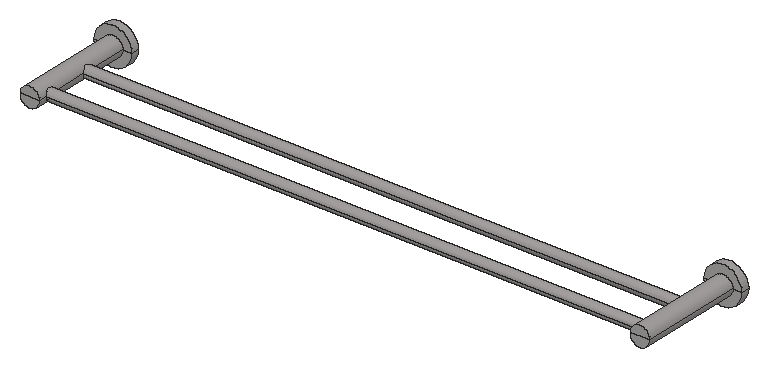
Revit family "Reece_Accessory_Milli_Mood Edit_Double Towel Rail", category Plumbing Fixtures, Revit 2018
Family settings
  Round Connector Dimension = Use Diameter
  Part Type = Normal
  Work Plane-Based = Yes
  Always vertical = Yes
  Cut with Voids When Loaded = Yes
  Shared = Yes
  Room Calculation Point = Yes
Parameters (values of type "600 mm_Brushed Gunmetal")
  URL = "https://www.reece.com.au/product/-2281321"
  Type Comments = "Accessory\r\n"
  Reece_Product_Web Page = "https://www.reece.com.au/product/-2281321"
  Reece_Product_Type = "Accessory\r\n"  # constant formula
  Reece_Product_Sub Brand = "Mood Edit"  # constant formula
  Reece_Product_Number = "2281321"
  Reece_Product_Mount = "Wall Mounted"
  Reece_Product_Description = "Milli Mood Edit Double Towel Rail 600mm Brushed Gunmetal"
  Reece_Product_Brand = "Milli\r\n"  # constant formula
  Reece_Overall_Width = 600 mm
  Reece_Overall_Projection = 110 mm  # constant formula
  Reece_Overall_Height = 37 mm  # constant formula
  Reece_Material_Main = Reece_Brass_Brushed Gunmetal
  Reece_Height_From_Level [instance] = 1000 mm
  Reece_Fixing_Point = 600 mm
  Reece_Detail_Shape = ""
  Reece_Detail_Installation = ""
  Reece_Detail_Disclaimer = "THIS FILE IS THE PROPERTY OF THE REECE GROUP. IT MAY NOT BE REPRODUCED, REVERSE-ENGINEERED OR MODIFIED. ANY REPUBLICATION, TRANSMISSION OR DISTRIBUTION FOR THE PURPOSE OF COMMERCIALLY EXPLOITING THE FILES IS PROHIBITED."  # constant formula
  Reece_Detail_Connector = ""  # constant formula
  Reece_Detail_Additional = "Double Towel Rail\r\n"  # constant formula
  Model = "Mood Edit"
  Manufacturer = "Milli\r\n"
  Keynote = "Product #2281321, Reece_Accessory_Milli_Mood Edit_Double Towel Rail - 600 mm_Brushed Gunmetal"
  Disclaimer = "THIS FILE IS THE PROPERTY OF THE REECE GROUP. IT MAY NOT BE REPRODUCED, REVERSE-ENGINEERED OR MODIFIED. ANY REPUBLICATION, TRANSMISSION OR DISTRIBUTION FOR THE PURPOSE OF COMMERCIALLY EXPLOITING THE FILES IS PROHIBITED."  # constant formula
  Description = "Milli Mood Edit Double Towel Rail 600mm Brushed Gunmetal"
  Default Elevation = 0 mm
Types (18, lengths in mm): name | URL | Reece_Product_Web Page | Reece_Product_Number | Reece_Product_Description | Reece_Overall_Width | Reece_Material_Main | Reece_Fixing_Point | Keynote | Description
  600 mm_Brushed Gunmetal | "https://www.reece.com.au/product/-2281321" | "https://www.reece.com.au/product/-2281321" | "2281321" | "Milli Mood Edit Double Towel Rail 600mm Brushed Gunmetal" | 600 | Reece_Brass_Brushed Gunmetal | 600 | "Product #2281321, Reece_Accessory_Milli_Mood Edit_Double Towel Rail - 600 mm_Brushed Gunmetal" | "Milli Mood Edit Double Towel Rail 600mm Brushed Gunmetal"
  600 mm_Brushed Nickel | "https://www.reece.com.au/product/-2299206" | "https://www.reece.com.au/product/-2299206" | "2299206" | "Milli Mood Edit Double Towel Rail 600mm Brushed Nickel" | 600 | Reece_Brass_Brushed Nickel | 600 | "Product #2299206, Reece_Accessory_Milli_Mood Edit_Double Towel Rail - 600 mm_Brushed Nickel" | "Milli Mood Edit Double Towel Rail 600mm Brushed Nickel"
  600 mm_Chrome | "https://www.reece.com.au/product/-2263301" | "https://www.reece.com.au/product/-2263301" | "2263301" | "Milli Mood Edit Double Towel Rail 600mm Chrome" | 600 | Reece_Brass_Chrome | 600 | "Product #2263301, Reece_Accessory_Milli_Mood Edit_Double Towel Rail - 600 mm_Chrome" | "Milli Mood Edit Double Towel Rail 600mm Chrome"
  600 mm_Matte Black | "https://www.reece.com.au/product/-2281243" | "https://www.reece.com.au/product/-2281243" | "2281243" | "Milli Mood Edit Double Towel Rail 600mm Matte Black" | 600 | Reece_Brass_Matte Black | 600 | "Product #2281243, Reece_Accessory_Milli_Mood Edit_Double Towel Rail - 600 mm_Matte Black" | "Milli Mood Edit Double Towel Rail 600mm Matte Black"
  780 mm_Brushed Gunmetal | "https://www.reece.com.au/product/-2281323" | "https://www.reece.com.au/product/-2281323" | "2281323" | "Milli Mood Edit Double Towel Rail 780mm Brushed Gunmetal" | 780 | Reece_Brass_Brushed Gunmetal | 780 | "Product #2281323, Reece_Accessory_Milli_Mood Edit_Double Towel Rail - 780 mm_Brushed Gunmetal" | "Milli Mood Edit Double Towel Rail 780mm Brushed Gunmetal"
  780 mm_Brushed Nickel | "https://www.reece.com.au/product/-2299208" | "https://www.reece.com.au/product/-2299208" | "2299208" | "Milli Mood Edit Double Towel Rail 780mm Brushed Nickel" | 780 | Reece_Brass_Brushed Nickel | 780 | "Product #2299208, Reece_Accessory_Milli_Mood Edit_Double Towel Rail - 780 mm_Brushed Nickel" | "Milli Mood Edit Double Towel Rail 780mm Brushed Nickel"
  780 mm_Chrome | "https://www.reece.com.au/product/-2263303" | "https://www.reece.com.au/product/-2263303" | "2263303" | "Milli Mood Edit Double Towel Rail 780mm Chrome" | 780 | Reece_Brass_Chrome | 780 | "Product #2263303, Reece_Accessory_Milli_Mood Edit_Double Towel Rail - 780 mm_Chrome" | "Milli Mood Edit Double Towel Rail 780mm Chrome"
  780 mm_Matte Black | "https://www.reece.com.au/product/-2281245" | "https://www.reece.com.au/product/-2281245" | "2281245" | "Milli Mood Edit Double Towel Rail 780mm Matte Black" | 780 | Reece_Brass_Matte Black | 780 | "Product #2281245, Reece_Accessory_Milli_Mood Edit_Double Towel Rail - 780 mm_Matte Black" | "Milli Mood Edit Double Towel Rail 780mm Matte Black"
  600 mm_PVD Brushed Bronze | "https://www.reece.com.au/product/-9511106" | "https://www.reece.com.au/product/-9511106" | "9511106" | "Milli Mood Edit Double Towel Rail 600mm PVD Brushed Bronze" | 600 | Reece_PVD_Brushed Bronze | 600 | "Product #9511106, Reece_Accessory_Milli_Mood Edit_Double Towel Rail - 600 mm_PVD Brushed Bronze" | "Milli Mood Edit Double Towel Rail 600mm PVD Brushed Bronze"
  600 mm_PVD Brushed Gold | "https://www.reece.com.au/product/-9510921" | "https://www.reece.com.au/product/-9510921" | "9510921" | "Milli Mood Edit Double Towel Rail 600mm PVD Brushed Gold" | 600 | Reece_PVD_Brushed Gold | 600 | "Product #9510921, Reece_Accessory_Milli_Mood Edit_Double Towel Rail - 600 mm_PVD Brushed Gold" | "Milli Mood Edit Double Towel Rail 600mm PVD Brushed Gold"
  780 mm_PVD Brushed Bronze | "https://www.reece.com.au/product/-9511108" | "https://www.reece.com.au/product/-9511108" | "9511108" | "Milli Mood Edit Double Towel Rail 780mm PVD Brushed Bronze" | 780 | Reece_PVD_Brushed Bronze | 780 | "Product #9511108, Reece_Accessory_Milli_Mood Edit_Double Towel Rail - 780 mm_PVD Brushed Bronze" | "Milli Mood Edit Double Towel Rail 780mm PVD Brushed Bronze"
  780 mm_PVD Brushed Gold | "https://www.reece.com.au/product/-9510923" | "https://www.reece.com.au/product/-9510923" | "9510923" | "Milli Mood Edit Double Towel Rail 780mm PVD Brushed Gold" | 780 | Reece_PVD_Brushed Gold | 780 | "Product #9510923, Reece_Accessory_Milli_Mood Edit_Double Towel Rail - 780 mm_PVD Brushed Gold" | "Milli Mood Edit Double Towel Rail 780mm PVD Brushed Gold"
  600 mm_PVD Brushed Gunmetal | "https://www.reece.com.au/product/-9511780" | "https://www.reece.com.au/product/-9511780" | "9511780" | "Milli Mood Edit Double Towel Rail 600mm PVD Brushed Gunmetal" | 600 | Reece_PVD_Brushed Gunmetal | 600 | "Product #9511780, Reece_Accessory_Milli_Mood Edit_Double Towel Rail - 600 mm_PVD Brushed Gunmetal" | "Milli Mood Edit Double Towel Rail 600mm PVD Brushed Gunmetal"
  600 mm_PVD Brushed Nickel | "https://www.reece.com.au/product/-9511595" | "https://www.reece.com.au/product/-9511595" | "9511595" | "Milli Mood Edit Double Towel Rail 600mm PVD Brushed Nickel" | 600 | Reece_PVD_Brushed Nickel | 600 | "Product #9511595, Reece_Accessory_Milli_Mood Edit_Double Towel Rail - 600 mm_PVD Brushed Nickel" | "Milli Mood Edit Double Towel Rail 600mm PVD Brushed Nickel"
  600 mm_PVD Matte Black | "https://www.reece.com.au/product/-9511410" | "https://www.reece.com.au/product/-9511410" | "9511410" | "Milli Mood Edit Double Towel Rail 600mm PVD Matte Black" | 600 | Reece_PVD_Matte Black | 600 | "Product #9511410, Reece_Accessory_Milli_Mood Edit_Double Towel Rail - 600 mm_PVD Matte Black" | "Milli Mood Edit Double Towel Rail 600mm PVD Matte Black"
  780 mm_PVD Brushed Gunmetal | "https://www.reece.com.au/product/-9511782" | "https://www.reece.com.au/product/-9511782" | "9511782" | "Milli Mood Edit Double Towel Rail 780mm PVD Brushed Gunmetal" | 780 | Reece_PVD_Brushed Gunmetal | 780 | "Product #9511782, Reece_Accessory_Milli_Mood Edit_Double Towel Rail - 780 mm_PVD Brushed Gunmetal" | "Milli Mood Edit Double Towel Rail 780mm PVD Brushed Gunmetal"
  780 mm_PVD Brushed Nickel | "https://www.reece.com.au/product/-9511597" | "https://www.reece.com.au/product/-9511597" | "9511597" | "Milli Mood Edit Double Towel Rail 780mm PVD Brushed Nickel" | 780 | Reece_PVD_Brushed Nickel | 780 | "Product #9511597, Reece_Accessory_Milli_Mood Edit_Double Towel Rail - 780 mm_PVD Brushed Nickel" | "Milli Mood Edit Double Towel Rail 780mm PVD Brushed Nickel"
  780 mm_PVD Matte Black | "https://www.reece.com.au/product/-9511412" | "https://www.reece.com.au/product/-9511412" | "9511412" | "Milli Mood Edit Double Towel Rail 780mm PVD Matte Black" | 780 | Reece_PVD_Matte Black | 780 | "Product #9511412, Reece_Accessory_Milli_Mood Edit_Double Towel Rail - 780 mm_PVD Matte Black" | "Milli Mood Edit Double Towel Rail 780mm PVD Matte Black"
Reference planes
  plane 1 "Center (Front/Back)": y = 0
  plane 2 "Bottom Host Plane": z = 0
  plane 3 "Center (Left/Right)": x = 0
  plane 4: x = -300
  plane 5: x = 300
  plane 6: x = -318.5
  plane 7: x = -281.5
  plane 8: y = -110
  plane 9 "Rail Height": z = 1000
  plane 10: y = -7.943
  plane 11: z = 1018.5
  plane 12: z = 981.5
  plane 13: z = -5
Forms (mm)
  Revolve 1, solid, material "Reece_Brass_Brushed Gunmetal" <- "Reece_Material_Main"
    sketch origin (0, 0, 1000) x (-1, 0, 0) y (0, -1, 0)
      loop
        line (290.484, 7.943) -> (281.479, 7.943) -> (281.479, 0) -> (300, 0) -> (300, 110) -> (290.481, 110) -> (290.484, 7.943)
      axis (300, 0) -> (300, 110)
    angle from 0 to 360
  Revolve 2, solid, material "Reece_Brass_Brushed Gunmetal" <- "Reece_Material_Main"
    sketch origin (0, 0, 1000) x (1, 0, 0) y (0, -1, 0)
      loop
        line (290.484, 7.943) -> (281.479, 7.943) -> (281.479, 0) -> (300, 0) -> (300, 110) -> (290.481, 110) -> (290.484, 7.943)
      axis (300, 0) -> (300, 110)
    angle from 0 to 360
  Sweep 3, solid, material "Reece_Brass_Brushed Gunmetal" <- "Reece_Material_Main"
    path origin (0, -297.416, 1000) x (-1, 0, 0) y (0, -1, 0)
      loop
        line (300, -246.321) -> (-300, -246.321)
    profile origin (0, -51.095, 1000) x (0, 1, 0) y (0, 0, 1)
      loop
        circle (0, 0) r 5.5
  Sweep 4, solid, material "Reece_Brass_Brushed Gunmetal" <- "Reece_Material_Main"
    path origin (0, -297.416, 1000) x (-1, 0, 0) y (0, -1, 0)
      loop
        line (300, -200.618) -> (-300, -200.618)
    profile origin (0, -96.798, 1000) x (0, 1, 0) y (0, 0, 1)
      loop
        circle (0, 0) r 5.5
Cuts and joins
  joined: Revolve 1, Revolve 2, Sweep 3, Sweep 4
Lines and regions (mm)
  model lines, style "InvisibleLines"
    curve 1: line (0, 0, -5) -> (0, 0, 1000)
Text (mm)
  text "Reece ©" at (2670.074, -2514.188, 2832.55), in view "Reece Preview"
  text "Reece Copyright © 2018, Reece Ltd." at (368.909, -283.932, 0), in view "Ref. Level"
Dimensions and locks
  locked: plane 2 "Bottom Host Plane" to level
  plane 4 to plane 5 = 600 mm
  "Reece_Height_From_Level": plane 9 "Rail Height" to level
  plane 9 "Rail Height" to level = 1000 mm
  "Reece_Fixing_Point": plane 5 to plane 4
  equal spacing: plane 5, plane 3 "Center (Left/Right)", plane 4
  Revolve 1 sketch curve to Revolve 1 sketch curve to Revolve 1 sketch curve to Revolve 1 sketch curve to Revolve 1 sketch curve to Revolve 1 sketch curve = 0 mm locked, 9.516 mm locked, 0.003 mm, 9.002 mm locked, 0 mm
  Revolve 2 sketch curve to Revolve 2 sketch curve to Revolve 2 sketch curve to Revolve 2 sketch curve to Revolve 2 sketch curve to Revolve 2 sketch curve = 0 mm locked, 9.516 mm locked, 0.003 mm, 9.002 mm locked, 0 mm
  cut or joined group of Revolve 1, Revolve 2, Sweep 3, Sweep 4 to cut or joined group of Revolve 1, Revolve 2, Sweep 3, Sweep 4 = 19.029 mm
  cut or joined group of Revolve 1, Revolve 2, Sweep 3, Sweep 4 to cut or joined group of Revolve 1, Revolve 2, Sweep 3, Sweep 4 = 110 mm
  cut or joined group of Revolve 1, Revolve 2, Sweep 3, Sweep 4 to cut or joined group of Revolve 1, Revolve 2, Sweep 3, Sweep 4 = 37.04 mm
  cut or joined group of Revolve 1, Revolve 2, Sweep 3, Sweep 4 to cut or joined group of Revolve 1, Revolve 2, Sweep 3, Sweep 4 = 7.943 mm
  plane 7 to plane 6 = 37 mm
  level to plane 9 "Rail Height" = 1000 mm
  "Reece_Overall_Projection": plane 1 "Center (Front/Back)" to plane 8
  "Reece_Overall_Height": plane 11 to plane 12
  equal spacing: plane 11, plane 9 "Rail Height", plane 12
  locked: plane 13 to plane 2 "Bottom Host Plane" at 5
  aligned and locked: Revolve 1 sketch curve to plane 4
  aligned and locked: plane 5 to Revolve 2 sketch curve
  aligned and locked: plane 4 to Sweep 3 sketch curve
  aligned and locked: plane 5 to Sweep 3 sketch curve
  aligned and locked: plane 4 to Sweep 4 sketch curve
  aligned and locked: plane 5 to Sweep 4 sketch curve
  aligned and locked: plane 3 "Center (Left/Right)" to curve 1
  aligned and locked: plane 9 "Rail Height" to curve 1
  aligned and locked: plane 13 to curve 1
Automatic sketch dimensions
  plane 1 "Center (Front/Back)" to Revolve 1 sketch curve = 0 mm
  plane 8 to Revolve 1 sketch curve = 0 mm
  Revolve 1 sketch curve to plane 4 = 0 mm
  Revolve 1 sketch curve to plane 1 "Center (Front/Back)" = 34.168 mm
  Revolve 1 sketch curve to Revolve 1 sketch curve = 30.832 mm
  plane 1 "Center (Front/Back)" to Revolve 2 sketch curve = 0 mm
  plane 8 to Revolve 2 sketch curve = 0 mm
  Revolve 2 sketch curve to plane 5 = 0 mm
  plane 1 "Center (Front/Back)" to Revolve 2 sketch curve = 34.168 mm
  Revolve 2 sketch curve to Revolve 2 sketch curve = 30.832 mm
  Sweep 3 sketch curve to plane 10 = 43.152 mm
  Sweep 4 sketch curve to plane 8 = 13.202 mm
  plane 9 "Rail Height" to Sweep 3 sketch curve = 0 mm
  Sweep 3 sketch curve to profile plane = 0 mm
  plane 9 "Rail Height" to Sweep 4 sketch curve = 0 mm
  Sweep 4 sketch curve to profile plane = 0 mm
  radius of Sweep 3 sketch curve = 5.5 mm
  radius of Sweep 4 sketch curve = 5.5 mm
